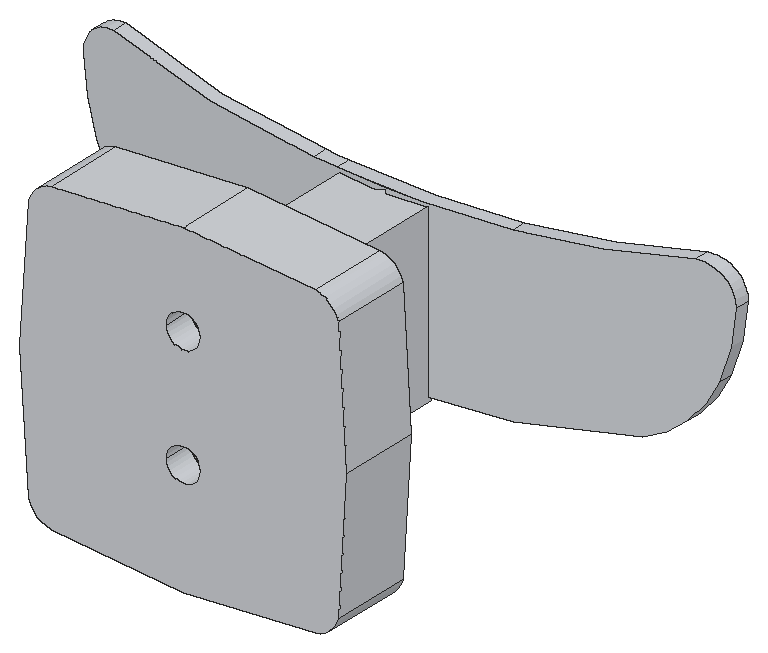
Revit family "AX8203_0013", category Appareils sanitaires, Revit 2016
Family settings
  Hôte = Mur
  Type d'élément = Normal
  Cote de connecteur circulaire = Utiliser le diamètre
  Numéro OmniClass = 23.75.00.00
  Titre OmniClass = Climate Control (HVAC)
  Toujours verticalement = Oui
  Couper avec des vides une fois chargée = Non
  Partagée = Non
  Point de calcul de pièce = Non
Parameters (values of type "Type 1")
  URL = "https://www.axeuro.com/fr/pateres-et-porte-manteaux/22537-patere-ax8203.html"
  Type de produit / Type of product = "Patère / Hook"  # constant formula
  Référence / Reference = "AX8203, AX8203P, AX8203-MBK"  # constant formula
  Model = ""
  Manufacturer = ""
  Entreprise / Company = "Axeuro"  # constant formula
  Description = ""
Reference planes
  plane 1 "Mur": y = 0
  plane 2 "Centre (gauche/droite)": x = 0
  plane 3 "Arrière": y = 75
Forms (mm)
  Sweep 1, solid
    path origin (0, 0, 3.399) x (1, 0, 0) y (0, 1, 0)
      loop
        arc (-65.019, 121.417) -> (-0.125, 113.693) -> (64.776, 121.359) r 277.502
    profile origin (-0.125, 113.693, 3.399) x (0.000452, 1, 0) y (0, 0, 1)
      loop
        line (0, 1700.123) -> (0, 1654.281) -> (2.27, 1654.281) -> (2.27, 1700.123) -> (0, 1700.123)
  Extrusion 2, void
    sketch origin (0.5, 75, 3.399) x (1, 0, 0) y (0, 0, 1)
      loop
        line (-0.005, 1709.021) -> (-74.927, 1709.021) -> (-74.927, 1644.021) -> (80.073, 1644.021) -> (80.073, 1709.021) -> (-0.005, 1709.021)
      loop
        arc (36.748, 1662.108) -> (42.961, 1666.183) -> (47.036, 1672.396) r 18.256
        arc (47.036, 1672.396) -> (48.647, 1677.687) -> (49.394, 1683.167) r 34.599
        arc (49.394, 1683.167) -> (47.813, 1686.983) -> (43.997, 1688.564) r 5.397
        arc (43.997, 1688.564) -> (31.215, 1686.198) -> (18.289, 1684.829) r 167.97
        arc (18.289, 1684.829) -> (5.098, 1684.218) -> (-8.105, 1684.385) r 224.251
        arc (-8.105, 1684.385) -> (-9.91, 1684.432) -> (-11.713, 1684.493) r 224.251
        arc (-11.713, 1684.493) -> (-28.457, 1685.696) -> (-44.997, 1688.564) r 167.97
        arc (-44.997, 1688.564) -> (-48.813, 1686.983) -> (-50.394, 1683.167) r 5.397
        arc (-50.394, 1683.167) -> (-49.647, 1677.687) -> (-48.036, 1672.396) r 34.599
        arc (-48.036, 1672.396) -> (-44.488, 1666.732) -> (-39.138, 1662.724) r 18.256
        arc (-39.138, 1662.724) -> (-19.735, 1658.83) -> (0, 1657.358) r 160.139
        arc (0, 1657.358) -> (18.512, 1658.667) -> (36.748, 1662.108) r 160.139
    from -58.741 to -30
  Extrusion 3, solid
    sketch origin (-1237.173, 75, -140.39) x (1, 0, 0) y (0, 0, 1)
      loop
        arc (1257.307, 1838.115) -> (1247.265, 1839.205) -> (1237.173, 1839.606) r 147.77
        arc (1237.173, 1839.606) -> (1227.08, 1839.205) -> (1217.039, 1838.115) r 147.77
        arc (1217.039, 1838.115) -> (1214.783, 1837.062) -> (1213.5, 1834.928) r 4.26
        arc (1213.5, 1834.928) -> (1212.512, 1824.794) -> (1212.218, 1814.616) r 149.119
        arc (1212.218, 1814.616) -> (1212.512, 1804.438) -> (1213.5, 1794.304) r 149.119
        arc (1213.5, 1794.304) -> (1214.783, 1792.17) -> (1217.039, 1791.118) r 4.26
        arc (1217.039, 1791.118) -> (1227.08, 1790.027) -> (1237.173, 1789.626) r 147.77
        arc (1237.173, 1789.626) -> (1247.265, 1790.027) -> (1257.307, 1791.118) r 147.77
        arc (1257.307, 1791.118) -> (1259.563, 1792.17) -> (1260.846, 1794.304) r 4.26
        arc (1260.846, 1794.304) -> (1261.834, 1804.438) -> (1262.128, 1814.616) r 149.119
        arc (1262.128, 1814.616) -> (1261.834, 1824.794) -> (1260.846, 1834.928) r 149.119
        arc (1260.846, 1834.928) -> (1259.563, 1837.062) -> (1257.307, 1838.115) r 4.26
    from -12.275 to 0
  Extrusion 4, void
    sketch origin (0, 0, -1.01) x (1, 0, 0) y (0, 0, 1)
      loop
        circle (0, 1686) r 2.6
    from -79.516 to -75
  Extrusion 5, void
    sketch origin (0, 0, -19.31) x (1, 0, 0) y (0, 0, 1)
      loop
        circle (0, 1686) r 2.6
    from -79.516 to -75
  Extrusion 6, solid
    sketch origin (0, 0, 0) x (1, 0, 0) y (0, 1, 0)
      loop
        line (6.75, 87.275) -> (6.75, 113.775)
        arc (6.75, 113.775) -> (0, 113.693) -> (-6.75, 113.775) r 277.502
        line (-6.75, 113.775) -> (-6.75, 87.275) -> (6.75, 87.275)
    from 1660.757 to 1687.59
Cuts and joins
  Extrusion 2 cuts Sweep 1
  Extrusion 4, Extrusion 5 cuts Extrusion 3
Lines and regions (mm)
  reference lines
    curve 1: line (24.955, 75, 1674.226) -> (24.955, 75, 1669.226)
    curve 2: line (-24.957, 75, 1675.008) -> (-24.957, 75, 1670.008)
Text (mm)
  text "Côté de la mise en place" at (-1820.995, 1116.779, 0), in view "Niveau de réf."
  text "Côté de la mise en place" at (0, 1334.055, 2976.191), in view "Gauche"
  text "Côté de la mise en place" at (0, 439.194, 2944.362), in view "Droite"
Dimensions and locks
  locked: plane 3 "Arrière" to host wall
  aligned and locked: plane 1 "Mur" to host wall
